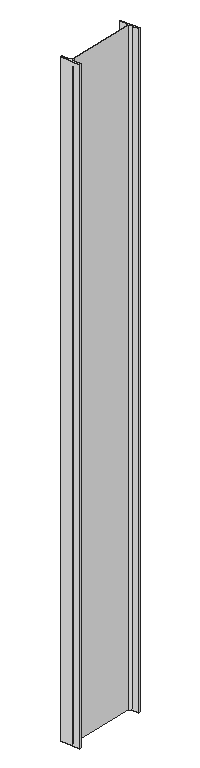
Revit family "M-기타 와이드 플랜지-기둥", category 구조 기둥, Revit 2026
Family settings
  단면 모양 = 정의되지 않음
  모델 동작 재료 = 스틸
  항상 형상으로 내보내기 = 아니오
  평면의 보 전환 = 경계 상자에서
  로드될 때 보이드를 사용하여 절단 = 아니오
  기호 표현 = 프로젝트 설정에서
  공유 = 아니오
  평면도에서 미리 절단된 패밀리 표시 = 예
Parameters (values of type "M310x16.1")
  Assembly Code = ""
  Structural Material [instance] = 금속 - 스틸 - 345 MPa
  A = 0.002 m²
  W = 0.158
  bf = 77.9 mm
  d = 304 mm
  k = 14 mm
  kr = k - tf  # 9 mm
  tf = 5 mm
  tw = 4.1 mm
Types (2, lengths in mm): name | A | W | bf | d | tw
  M310x16.1 | 0.002 m² | 0.158 | 77.9 | 304 | 4.1
  M200x9.7 | 0.001 m² | 0.095 | 57.9 | 203 | 3.4
Reference planes
  plane 1: y = 0
  plane 2: z = 0
  plane 3: x = 0
  plane 4: x = -38.95
  plane 5: x = 38.95
  plane 6: y = 152
  plane 7: y = -152
  plane 8: x = -3.969
  plane 9: x = 3.969
Forms (mm)
  Extrusion 1, solid, material "금속 - 스틸 - 345 MPa" <- "Structural Material", detail levels medium
    sketch origin (0, 0, 0) x (1, 0, 0) y (0, 1, 0)
      loop
        line (-38.95, 152) -> (-38.95, 147) -> (-2.05, 147) -> (-2.05, -147) -> (-38.95, -147) -> (-38.95, -152) -> (38.95, -152) -> (38.95, -147) -> (2.05, -147) -> (2.05, 147) -> (38.95, 147) -> (38.95, 152) -> (-38.95, 152)
    from 0 to 2500
  Extrusion 2, solid, material "금속 - 스틸 - 345 MPa" <- "Structural Material", detail levels fine
    sketch origin (0, 0, 0) x (1, 0, 0) y (0, 1, 0)
      loop
        line (-38.95, 152) -> (-38.95, 147) -> (-11.05, 147)
        arc (-11.05, 147) -> (-4.686, 144.364) -> (-2.05, 138) r 9
        line (-2.05, 138) -> (-2.05, -138)
        arc (-2.05, -138) -> (-4.686, -144.364) -> (-11.05, -147) r 9
        line (-11.05, -147) -> (-38.95, -147) -> (-38.95, -152) -> (38.95, -152) -> (38.95, -147) -> (11.05, -147)
        arc (11.05, -147) -> (4.686, -144.364) -> (2.05, -138) r 9
        line (2.05, -138) -> (2.05, 138)
        arc (2.05, 138) -> (4.686, 144.364) -> (11.05, 147) r 9
        line (11.05, 147) -> (38.95, 147) -> (38.95, 152) -> (-38.95, 152)
    from 0 to 2500
Lines and regions (mm)
  symbolic lines, style "StructuralColumnStickSymbols", detail levels coarse
    curve 1: line (-38.95, 152, 0) -> (38.95, 152, 0)
    curve 2: line (-38.95, -152, 0) -> (38.95, -152, 0)
    curve 3: line (0, 152, 0) -> (0, -152, 0)
  symbolic lines, style "숨겨진 면", detail levels medium+fine
    curve 4: line (-3.969, 0, 0) -> (-3.969, 0, 2500)
    curve 5: line (3.969, 0, 2500) -> (3.969, 0, 0)
Dimensions and locks
  equal spacing: plane 4, plane 3, plane 5
  equal spacing: plane 7, plane 1, plane 6
  "d": plane 7 to plane 6
  "bf": plane 4 to plane 5
  "tf": plane 7 to Extrusion 1 sketch curve
  "tf": Extrusion 1 sketch curve to plane 6
  equal spacing: Extrusion 1 sketch curve, plane 3, Extrusion 1 sketch curve
  "tw": Extrusion 1 sketch curve to Extrusion 1 sketch curve
  "kr": radius of Extrusion 2 sketch curve  (x4)
  aligned and locked: plane 6 to Extrusion 1 sketch curve
  aligned and locked: Extrusion 1 sketch curve to plane 7
  aligned and locked: Extrusion 1 sketch curve to plane 4  (x2)
  aligned and locked: plane 5 to Extrusion 1 sketch curve  (x2)
  aligned and locked: Extrusion 1 sketch curve to Extrusion 1 sketch curve  (x2)
  aligned and locked: level to Extrusion 1
  aligned and locked: level to plane 2
  aligned and locked: Extrusion 1 to plane 2
  aligned and locked: plane 6 to Extrusion 2 sketch curve
  aligned and locked: plane 5 to Extrusion 2 sketch curve  (x2)
  aligned and locked: Extrusion 2 sketch curve to plane 4  (x2)
  aligned and locked: Extrusion 2 sketch curve to Extrusion 1  (x6)
  aligned and locked: Extrusion 2 sketch curve to plane 7
  aligned and locked: level to Extrusion 2
  aligned and locked: Extrusion 2 to level
Automatic sketch dimensions
  curve 2 to plane 4 = 0 mm
  curve 1 to plane 4 = 0 mm
  curve 3 to plane 3 = 0 mm
  curve 2 to plane 5 = 0 mm
  curve 1 to plane 5 = 0 mm
  curve 3 to plane 7 = 0 mm
  curve 3 to plane 6 = 0 mm
  curve 4 to level = 0 mm  (x2)
  curve 4 to plane 8 = 0 mm
  curve 5 to level = 0 mm  (x2)
  curve 5 to plane 9 = 0 mm
